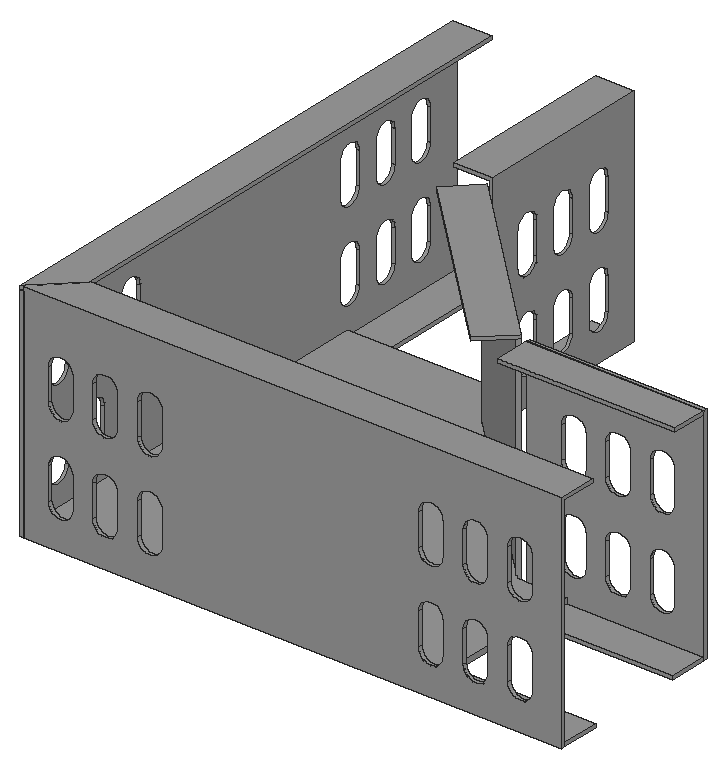
Revit family "90°- Bogen- RB 90 605 FT", category Generic Models, Revit 2017
Family settings
  Can host rebar = No
  Round Connector Dimension = Use Diameter
  Part Type = Normal
  Work Plane-Based = No
  Always vertical = Yes
  Cut with Voids When Loaded = No
  Shared = No
  Room Calculation Point = No
Parameters (values of type "RB 90 605 FT")
  URL = "http://www.obo-bettermann.com"
  Material = Hot-dip galvanised
  Manufacturer Art.No. = "71244338"
  Manufacturer = "OBO BETTERMANN"
  GTIN = "4012196688647"
  Cut's number 2 = 3
  Cut's number = 2
  Article Type = "RB 90 605 FT"
Reference planes
  plane 1 "Center (Front/Back)": y = 0
  plane 2: z = 0
  plane 3 "Center (Left/Right)": x = 0
  plane 4: y = 112.5
  plane 5: x = 112.5
  plane 6: z = 1.5
  plane 7: y = 151.03
  plane 8: x = 151.03
  plane 9: y = 11
  plane 10: x = 11
  plane 11: y = 11
  plane 12: x = 151.03
  plane 13: z = -0.982
  plane 14: z = 61.018
  plane 15: z = 15.018
  plane 16: z = 40.018
  plane 17: x = 10.5
  plane 18: x = 23
  plane 19: x = 35.5
  plane 20: z = 40.018
  plane 21: z = 65.018
  plane 22: x = 10.5
  plane 23: x = 23
  plane 24: x = 35.5
  plane 25: z = 15.018
  plane 26: z = 40.018
  plane 27: x = 10.5
  plane 28: x = 23
  plane 29: x = 35.5
  plane 30: z = 15.018
  plane 31: z = 40.018
  plane 32: x = 23.038
  plane 33: x = 35.538
  plane 34: x = 48.038
  plane 35: z = 40.018
  plane 36: z = 65.018
  plane 37: x = 23.038
  plane 38: x = 35.538
  plane 39: x = 48.038
  plane 40: z = 15.018
  plane 41: z = 40.018
  plane 42: x = 35.575
  plane 43: x = 48.075
  plane 44: x = 60.575
  plane 45: z = 40.018
  plane 46: z = 65.018
  plane 47: x = 35.575
  plane 48: x = 48.075
  plane 49: x = 60.575
  plane 50: z = 15.018
  plane 51: x = 138.53
  plane 52: z = 15.018
  plane 53: y = 138.53
  plane 54: z = 40.018
  plane 55: y = 138.53
  plane 56: z = 15.018
  plane 57: y = 138.53
  plane 58: z = 15.018
  plane 59: y = 126.066
  plane 60: z = 40.018
  plane 61: y = 126.066
  plane 62: z = 15.018
  plane 63: y = 113.603
  plane 64: z = 40.018
  plane 65: y = 113.603
  plane 66: y = 11.5
  plane 67: z = 15.018
  plane 68: y = 11.5
  plane 69: z = 40.018
  plane 70: y = 11.5
  plane 71: z = 15.018
  plane 72: y = 24.024
  plane 73: z = 15.018
  plane 74: y = 24.024
  plane 75: z = 40.018
  plane 76: y = 36.549
  plane 77: z = 15.018
  plane 78: y = 36.549
  plane 79: z = 40.018
  plane 80: y = 151.03
  plane 81: x = 38
  plane 82: through (39.538, 92.406, 1200) normal (0.7071, 0.7071, 0)
  plane 83: through (49.846, 97.654, 1200) normal (0.7071, -0.7071, 0)
  plane 84: through (97.66, 49.84, 1200) normal (0.7075, -0.7067, 0)
  plane 85: y = 49
  plane 86: y = 38.046
  plane 87: x = 151.03
  plane 88: x = 101.33
  plane 89: z = 15
  plane 90: y = 139.53
  plane 91: z = 40
  plane 92: y = 139.53
  plane 93: z = 15
  plane 94: y = 139.53
  plane 95: z = 15
  plane 96: y = 127.051
  plane 97: z = 40
  plane 98: y = 127.051
  plane 99: z = 15
  plane 100: y = 114.516
  plane 101: z = 40
  plane 102: y = 114.516
  plane 103: x = 139.53
  plane 104: z = 15
  plane 105: x = 139.53
  plane 106: z = 15
  plane 107: x = 139.53
  plane 108: z = 40
  plane 109: x = 139.53
  plane 110: z = 15
  plane 111: x = 126.997
  plane 112: z = 15
  plane 113: x = 126.997
  plane 114: z = 40
  plane 115: x = 114.464
  plane 116: z = 15
  plane 117: x = 114.464
  plane 118: z = 40
  plane 119: x = 139.53
  plane 120: z = 40
  plane 121: x = 139.53
  plane 122: z = 15
  plane 123: x = 127.057
  plane 124: z = 15
  plane 125: x = 127.057
  plane 126: z = 40
  plane 127: x = 114.584
  plane 128: z = 15
  plane 129: x = 114.584
  plane 130: z = 40
Forms (mm)
  Extrusion 1, solid, material "Hot-dip galvanised" <- "Material"
    sketch origin (0, 0, 0) x (1, 0, 0) y (0, 1, 0)
      loop
        line (0, 112.5) -> (0, 0) -> (112.5, 0) -> (112.5, 49) -> (98.5, 49) -> (49, 98.5) -> (49, 112.5) -> (0, 112.5)
    from 0 to 1.5
  Extrusion 2, solid, material "Hot-dip galvanised" <- "Material"
    sketch origin (0, 0, 0) x (1, 0, 0) y (0, 1, 0)
      loop
        line (0, 151.03) -> (0, 0) -> (11, 11) -> (11, 151.03) -> (0, 151.03)
    from 0 to -1
  Extrusion 3, solid, material "Hot-dip galvanised" <- "Material"
    sketch origin (0, 0, 0) x (1, 0, 0) y (0, 1, 0)
      loop
        line (11, 11) -> (0, 0) -> (151.03, 0) -> (151.03, 11) -> (11, 11)
    from 0 to -1
  Extrusion 4, solid, material "Hot-dip galvanised" <- "Material"
    sketch origin (0, 0, 0) x (0, 1, 0) y (0, 0, 1)
      loop
        line (0, -0.982) -> (0, 61.018) -> (10, 61.018) -> (10, 62.018) -> (-1, 62.018) -> (-1, -0.982) -> (0, -0.982)
    from 0 to 151.03
  Extrusion 5, void
    sketch origin (0, 0, 0) x (1, 0, 0) y (0, 1, 0)
      loop
        line (9.896, 9.896) -> (0, 9.896) -> (0, 0) -> (9.896, 9.896)
    from 61 to 62
  Extrusion 6, solid, material "Hot-dip galvanised" <- "Material"
    sketch origin (0, 0, 0) x (1, 0, 0) y (0, 0, 1)
      loop
        line (0, -0.982) -> (0, 61.018) -> (-1, 61.018) -> (-1, -0.982) -> (0, -0.982)
    from -151.03 to 1
  Extrusion 7, solid, material "Hot-dip galvanised" <- "Material"
    sketch origin (0, 0, 0) x (1, 0, 0) y (0, 1, 0)
      loop
        line (-1, 151.03) -> (-1, -1) -> (9.896, 9.896) -> (9.896, 151.03) -> (-1, 151.03)
    from 61 to 62
  Extrusion 8, void
    sketch origin (0, 0, 0) x (1, 0, 0) y (0, 0, 1)
      loop
        arc (7, 10.518) -> (10.5, 7.018) -> (14, 10.518) r 3.5
        line (14, 10.518) -> (14, 19.518)
        arc (14, 19.518) -> (10.5, 23.018) -> (7, 19.518) r 3.5
        line (7, 19.518) -> (7, 10.518)
    from 0 to 1.104
  Extrusion 9, void
    sketch origin (0, 0, 25) x (1, 0, 0) y (0, 0, 1)
      loop
        arc (7, 10.518) -> (10.5, 7.018) -> (14, 10.518) r 3.5
        line (14, 10.518) -> (14, 19.518)
        arc (14, 19.518) -> (10.5, 23.018) -> (7, 19.518) r 3.5
        line (7, 19.518) -> (7, 10.518)
    from 0 to 1.104
  Extrusion 10, void, not visible
    sketch origin (0, 0.104, 0) x (1, 0, 0) y (0, 0, 1)
      loop
        arc (7, 10.518) -> (10.5, 7.018) -> (14, 10.518) r 3.5
        line (14, 10.518) -> (14, 19.518)
        arc (14, 19.518) -> (10.5, 23.018) -> (7, 19.518) r 3.5
        line (7, 19.518) -> (7, 10.518)
    from 0 to 1.104
  Extrusion 11, void
    sketch origin (12.538, 0, 0) x (1, 0, 0) y (0, 0, 1)
      loop
        arc (7, 10.518) -> (10.5, 7.018) -> (14, 10.518) r 3.5
        line (14, 10.518) -> (14, 19.518)
        arc (14, 19.518) -> (10.5, 23.018) -> (7, 19.518) r 3.5
        line (7, 19.518) -> (7, 10.518)
    from 0 to 1.104
  Extrusion 12, void
    sketch origin (12.538, 0, 25) x (1, 0, 0) y (0, 0, 1)
      loop
        arc (7, 10.518) -> (10.5, 7.018) -> (14, 10.518) r 3.5
        line (14, 10.518) -> (14, 19.518)
        arc (14, 19.518) -> (10.5, 23.018) -> (7, 19.518) r 3.5
        line (7, 19.518) -> (7, 10.518)
    from 0 to 1.104
  Extrusion 13, void
    sketch origin (25.075, 0, 0) x (1, 0, 0) y (0, 0, 1)
      loop
        arc (7, 10.518) -> (10.5, 7.018) -> (14, 10.518) r 3.5
        line (14, 10.518) -> (14, 19.518)
        arc (14, 19.518) -> (10.5, 23.018) -> (7, 19.518) r 3.5
        line (7, 19.518) -> (7, 10.518)
    from 0 to 1.104
  Extrusion 14, void
    sketch origin (25.075, 0, 25) x (1, 0, 0) y (0, 0, 1)
      loop
        arc (7, 10.518) -> (10.5, 7.018) -> (14, 10.518) r 3.5
        line (14, 10.518) -> (14, 19.518)
        arc (14, 19.518) -> (10.5, 23.018) -> (7, 19.518) r 3.5
        line (7, 19.518) -> (7, 10.518)
    from 0 to 1.104
  Extrusion 15, void, not visible
    sketch origin (0, 0, 0) x (1, 0, 0) y (0, 0, 1)
      loop
        arc (135.03, 10.518) -> (138.53, 7.018) -> (142.03, 10.518) r 3.5
        line (142.03, 10.518) -> (142.03, 19.518)
        arc (142.03, 19.518) -> (138.53, 23.018) -> (135.03, 19.518) r 3.5
        line (135.03, 19.518) -> (135.03, 10.518)
    from 0 to 1
  Extrusion 16, void
    sketch origin (0, 0, 0) x (0, 1, 0) y (0, 0, 1)
      loop
        line (142.03, 10.518) -> (142.03, 19.518)
        arc (142.03, 19.518) -> (138.53, 23.018) -> (135.03, 19.518) r 3.5
        line (135.03, 19.518) -> (135.03, 10.518)
        arc (135.03, 10.518) -> (138.53, 7.018) -> (142.03, 10.518) r 3.5
    from 0 to -1
  Extrusion 17, void
    sketch origin (0, 0, 25) x (0, 1, 0) y (0, 0, 1)
      loop
        line (142.03, 10.518) -> (142.03, 19.518)
        arc (142.03, 19.518) -> (138.53, 23.018) -> (135.03, 19.518) r 3.5
        line (135.03, 19.518) -> (135.03, 10.518)
        arc (135.03, 10.518) -> (138.53, 7.018) -> (142.03, 10.518) r 3.5
    from 0 to -1
  Extrusion 18, void, not visible
    sketch origin (0, 0, 0) x (0, 1, 0) y (0, 0, 1)
      loop
        line (142.03, 10.518) -> (142.03, 19.518)
        arc (142.03, 19.518) -> (138.53, 23.018) -> (135.03, 19.518) r 3.5
        line (135.03, 19.518) -> (135.03, 10.518)
        arc (135.03, 10.518) -> (138.53, 7.018) -> (142.03, 10.518) r 3.5
    from 0 to -1
  Extrusion 19, void
    sketch origin (0, -12.464, 0) x (0, 1, 0) y (0, 0, 1)
      loop
        line (142.03, 10.518) -> (142.03, 19.518)
        arc (142.03, 19.518) -> (138.53, 23.018) -> (135.03, 19.518) r 3.5
        line (135.03, 19.518) -> (135.03, 10.518)
        arc (135.03, 10.518) -> (138.53, 7.018) -> (142.03, 10.518) r 3.5
    from 0 to -1
  Extrusion 20, void
    sketch origin (0, -12.464, 25) x (0, 1, 0) y (0, 0, 1)
      loop
        line (142.03, 10.518) -> (142.03, 19.518)
        arc (142.03, 19.518) -> (138.53, 23.018) -> (135.03, 19.518) r 3.5
        line (135.03, 19.518) -> (135.03, 10.518)
        arc (135.03, 10.518) -> (138.53, 7.018) -> (142.03, 10.518) r 3.5
    from 0 to -1
  Extrusion 21, void
    sketch origin (0, -24.927, 0) x (0, 1, 0) y (0, 0, 1)
      loop
        line (142.03, 10.518) -> (142.03, 19.518)
        arc (142.03, 19.518) -> (138.53, 23.018) -> (135.03, 19.518) r 3.5
        line (135.03, 19.518) -> (135.03, 10.518)
        arc (135.03, 10.518) -> (138.53, 7.018) -> (142.03, 10.518) r 3.5
    from 0 to -1
  Extrusion 22, void
    sketch origin (0, -24.927, 25) x (0, 1, 0) y (0, 0, 1)
      loop
        line (142.03, 10.518) -> (142.03, 19.518)
        arc (142.03, 19.518) -> (138.53, 23.018) -> (135.03, 19.518) r 3.5
        line (135.03, 19.518) -> (135.03, 10.518)
        arc (135.03, 10.518) -> (138.53, 7.018) -> (142.03, 10.518) r 3.5
    from 0 to -1
  Extrusion 23, void
    sketch origin (0, 0, 0) x (0, 1, 0) y (0, 0, 1)
      loop
        line (15, 10.518) -> (15, 19.518)
        arc (15, 19.518) -> (11.5, 23.018) -> (8, 19.518) r 3.5
        line (8, 19.518) -> (8, 10.518)
        arc (8, 10.518) -> (11.5, 7.018) -> (15, 10.518) r 3.5
    from 0 to -1
  Extrusion 24, void
    sketch origin (0, 0, 25) x (0, 1, 0) y (0, 0, 1)
      loop
        line (15, 10.518) -> (15, 19.518)
        arc (15, 19.518) -> (11.5, 23.018) -> (8, 19.518) r 3.5
        line (8, 19.518) -> (8, 10.518)
        arc (8, 10.518) -> (11.5, 7.018) -> (15, 10.518) r 3.5
    from 0 to -1
  Extrusion 25, void, not visible
    sketch origin (0, 0, 0) x (0, 1, 0) y (0, 0, 1)
      loop
        line (15, 10.518) -> (15, 19.518)
        arc (15, 19.518) -> (11.5, 23.018) -> (8, 19.518) r 3.5
        line (8, 19.518) -> (8, 10.518)
        arc (8, 10.518) -> (11.5, 7.018) -> (15, 10.518) r 3.5
    from 0 to -1
  Extrusion 26, void
    sketch origin (0, 12.524, 0) x (0, 1, 0) y (0, 0, 1)
      loop
        line (15, 10.518) -> (15, 19.518)
        arc (15, 19.518) -> (11.5, 23.018) -> (8, 19.518) r 3.5
        line (8, 19.518) -> (8, 10.518)
        arc (8, 10.518) -> (11.5, 7.018) -> (15, 10.518) r 3.5
    from 0 to -1
  Extrusion 27, void
    sketch origin (0, 12.524, 25) x (0, 1, 0) y (0, 0, 1)
      loop
        line (15, 10.518) -> (15, 19.518)
        arc (15, 19.518) -> (11.5, 23.018) -> (8, 19.518) r 3.5
        line (8, 19.518) -> (8, 10.518)
        arc (8, 10.518) -> (11.5, 7.018) -> (15, 10.518) r 3.5
    from 0 to -1
  Extrusion 28, void
    sketch origin (0, 25.049, 0) x (0, 1, 0) y (0, 0, 1)
      loop
        line (15, 10.518) -> (15, 19.518)
        arc (15, 19.518) -> (11.5, 23.018) -> (8, 19.518) r 3.5
        line (8, 19.518) -> (8, 10.518)
        arc (8, 10.518) -> (11.5, 7.018) -> (15, 10.518) r 3.5
    from 0 to -1
  Extrusion 29, void
    sketch origin (0, 25.049, 25) x (0, 1, 0) y (0, 0, 1)
      loop
        line (15, 10.518) -> (15, 19.518)
        arc (15, 19.518) -> (11.5, 23.018) -> (8, 19.518) r 3.5
        line (8, 19.518) -> (8, 10.518)
        arc (8, 10.518) -> (11.5, 7.018) -> (15, 10.518) r 3.5
    from 0 to -1
  Extrusion 30, solid, material "Hot-dip galvanised" <- "Material"
    sketch origin (0, 0, 0) x (1, 0, 0) y (0, 1, 0)
      loop
        line (49, 101.33) -> (49, 151.03) -> (38, 151.03) -> (38, 101.33) -> (49, 101.33)
    from -1 to 0
  Extrusion 31, solid, material "Hot-dip galvanised"
    sketch origin (0, 0, 0) x (1, 0, 0) y (0, 1, 0)
      loop
        line (97.66, 49.84) -> (49.846, 97.654) -> (42.073, 89.882) -> (89.918, 42.089) -> (97.66, 49.84)
    from -1 to 0
  Extrusion 32, solid, material "Hot-dip galvanised" <- "Material"
    sketch origin (0, 0, 0) x (1, 0, 0) y (0, 1, 0)
      loop
        line (101.33, 49) -> (101.33, 38.046) -> (151.03, 38.046) -> (151.03, 49) -> (101.33, 49)
    from -1 to 0
  Extrusion 33, solid, material "Hot-dip galvanised" <- "Material"
    sketch origin (0, 0, 0) x (1, 0, 0) y (0, 0, 1)
      loop
        line (49, -0.945) -> (49.846, -0.945) -> (49.846, 62.018) -> (39, 62.018) -> (39, 61.018) -> (49, 61.018) -> (49, -0.945)
    from -151.03 to -101.33
  Extrusion 34, solid, material "Hot-dip galvanised" <- "Material"
    sketch origin (0, 0, 0) x (1, 0, 0) y (0, 1, 0)
      loop
        line (49.846, 97.654) -> (97.66, 49.84) -> (98.4, 50.581) -> (50.586, 98.395) -> (49.846, 97.654)
    from -1 to 61
  Extrusion 35, solid, material "Hot-dip galvanised" <- "Material"
    sketch origin (0, 0, 0) x (1, 0, 0) y (0, 1, 0)
      loop
        line (50.586, 98.395) -> (42.813, 90.622) -> (90.628, 42.808) -> (98.4, 50.581) -> (50.586, 98.395)
    from 61 to 62
  Extrusion 36, solid, material "Hot-dip galvanised" <- "Material"
    sketch origin (0, 0, 0) x (1, 0, 0) y (0, 1, 0)
      loop
        line (101.33, 49) -> (151.03, 49) -> (151.03, 50.036) -> (101.33, 50.036) -> (101.33, 49)
    from -1 to 62
  Extrusion 37, solid, material "Hot-dip galvanised" <- "Material"
    sketch origin (0, 0, 0) x (0, 1, 0) y (0, 0, 1)
      loop
        line (49, 62) -> (39, 62) -> (39, 61.018) -> (49, 61.018) -> (49, 62)
    from 101.33 to 151.03
  Extrusion 38, void
    sketch origin (0, 0, 0) x (0, 1, 0) y (0, 0, 1)
      loop
        arc (135.03, 10.5) -> (138.53, 7) -> (142.03, 10.5) r 3.5
        line (142.03, 10.5) -> (142.03, 19.5)
        arc (142.03, 19.5) -> (138.53, 23) -> (135.03, 19.5) r 3.5
        line (135.03, 19.5) -> (135.03, 10.5)
    from 49 to 49.846
  Extrusion 39, void
    sketch origin (0, 0, 25) x (0, 1, 0) y (0, 0, 1)
      loop
        arc (135.03, 10.5) -> (138.53, 7) -> (142.03, 10.5) r 3.5
        line (142.03, 10.5) -> (142.03, 19.5)
        arc (142.03, 19.5) -> (138.53, 23) -> (135.03, 19.5) r 3.5
        line (135.03, 19.5) -> (135.03, 10.5)
    from 49 to 49.846
  Extrusion 40, void, not visible
    sketch origin (0, 0, 0) x (0, 1, 0) y (0, 0, 1)
      loop
        arc (135.03, 10.5) -> (138.53, 7) -> (142.03, 10.5) r 3.5
        line (142.03, 10.5) -> (142.03, 19.5)
        arc (142.03, 19.5) -> (138.53, 23) -> (135.03, 19.5) r 3.5
        line (135.03, 19.5) -> (135.03, 10.5)
    from 49 to 49.846
  Extrusion 41, void
    sketch origin (0, -12.479, 0) x (0, 1, 0) y (0, 0, 1)
      loop
        arc (135.03, 10.5) -> (138.53, 7) -> (142.03, 10.5) r 3.5
        line (142.03, 10.5) -> (142.03, 19.5)
        arc (142.03, 19.5) -> (138.53, 23) -> (135.03, 19.5) r 3.5
        line (135.03, 19.5) -> (135.03, 10.5)
    from 49 to 49.846
  Extrusion 42, void
    sketch origin (0, -12.479, 25) x (0, 1, 0) y (0, 0, 1)
      loop
        arc (135.03, 10.5) -> (138.53, 7) -> (142.03, 10.5) r 3.5
        line (142.03, 10.5) -> (142.03, 19.5)
        arc (142.03, 19.5) -> (138.53, 23) -> (135.03, 19.5) r 3.5
        line (135.03, 19.5) -> (135.03, 10.5)
    from 49 to 49.846
  Extrusion 43, void
    sketch origin (0, -25.014, 0) x (0, 1, 0) y (0, 0, 1)
      loop
        arc (135.03, 10.5) -> (138.53, 7) -> (142.03, 10.5) r 3.5
        line (142.03, 10.5) -> (142.03, 19.5)
        arc (142.03, 19.5) -> (138.53, 23) -> (135.03, 19.5) r 3.5
        line (135.03, 19.5) -> (135.03, 10.5)
    from 49 to 49.846
  Extrusion 44, void
    sketch origin (0, -25.014, 25) x (0, 1, 0) y (0, 0, 1)
      loop
        arc (135.03, 10.5) -> (138.53, 7) -> (142.03, 10.5) r 3.5
        line (142.03, 10.5) -> (142.03, 19.5)
        arc (142.03, 19.5) -> (138.53, 23) -> (135.03, 19.5) r 3.5
        line (135.03, 19.5) -> (135.03, 10.5)
    from 49 to 49.846
  Extrusion 45, void
    sketch origin (0, 0, 0) x (1, 0, 0) y (0, 0, 1)
      loop
        line (143.03, 10.5) -> (143.03, 19.5)
        arc (143.03, 19.5) -> (139.53, 23) -> (136.03, 19.5) r 3.5
        line (136.03, 19.5) -> (136.03, 10.5)
        arc (136.03, 10.5) -> (139.53, 7) -> (143.03, 10.5) r 3.5
    from -49 to -50.036
  Extrusion 46, void
    sketch origin (0, 0, 0) x (1, 0, 0) y (0, 0, 1)
      loop
        arc (136.03, 10.5) -> (139.53, 7) -> (143.03, 10.5) r 3.5
        line (143.03, 10.5) -> (143.03, 19.484)
        arc (143.03, 19.484) -> (139.53, 22.984) -> (136.03, 19.484) r 3.5
        line (136.03, 19.484) -> (136.03, 10.5)
    from 0 to 1
  Extrusion 47, void
    sketch origin (0, 0, 25) x (1, 0, 0) y (0, 0, 1)
      loop
        arc (136.03, 10.5) -> (139.53, 7) -> (143.03, 10.5) r 3.5
        line (143.03, 10.5) -> (143.03, 19.484)
        arc (143.03, 19.484) -> (139.53, 22.984) -> (136.03, 19.484) r 3.5
        line (136.03, 19.484) -> (136.03, 10.5)
    from 0 to 1
  Extrusion 48, void, not visible
    sketch origin (0, 0, 0) x (1, 0, 0) y (0, 0, 1)
      loop
        arc (136.03, 10.5) -> (139.53, 7) -> (143.03, 10.5) r 3.5
        line (143.03, 10.5) -> (143.03, 19.484)
        arc (143.03, 19.484) -> (139.53, 22.984) -> (136.03, 19.484) r 3.5
        line (136.03, 19.484) -> (136.03, 10.5)
    from 0 to 1
  Extrusion 49, void
    sketch origin (-12.533, 0, 0) x (1, 0, 0) y (0, 0, 1)
      loop
        arc (136.03, 10.5) -> (139.53, 7) -> (143.03, 10.5) r 3.5
        line (143.03, 10.5) -> (143.03, 19.484)
        arc (143.03, 19.484) -> (139.53, 22.984) -> (136.03, 19.484) r 3.5
        line (136.03, 19.484) -> (136.03, 10.5)
    from 0 to 1
  Extrusion 50, void
    sketch origin (-12.533, 0, 25) x (1, 0, 0) y (0, 0, 1)
      loop
        arc (136.03, 10.5) -> (139.53, 7) -> (143.03, 10.5) r 3.5
        line (143.03, 10.5) -> (143.03, 19.484)
        arc (143.03, 19.484) -> (139.53, 22.984) -> (136.03, 19.484) r 3.5
        line (136.03, 19.484) -> (136.03, 10.5)
    from 0 to 1
  Extrusion 51, void
    sketch origin (-25.066, 0, 0) x (1, 0, 0) y (0, 0, 1)
      loop
        arc (136.03, 10.5) -> (139.53, 7) -> (143.03, 10.5) r 3.5
        line (143.03, 10.5) -> (143.03, 19.484)
        arc (143.03, 19.484) -> (139.53, 22.984) -> (136.03, 19.484) r 3.5
        line (136.03, 19.484) -> (136.03, 10.5)
    from 0 to 1
  Extrusion 52, void
    sketch origin (-25.066, 0, 25) x (1, 0, 0) y (0, 0, 1)
      loop
        arc (136.03, 10.5) -> (139.53, 7) -> (143.03, 10.5) r 3.5
        line (143.03, 10.5) -> (143.03, 19.484)
        arc (143.03, 19.484) -> (139.53, 22.984) -> (136.03, 19.484) r 3.5
        line (136.03, 19.484) -> (136.03, 10.5)
    from 0 to 1
  Extrusion 53, void
    sketch origin (0, 0, 25) x (1, 0, 0) y (0, 0, 1)
      loop
        line (143.03, 10.5) -> (143.03, 19.5)
        arc (143.03, 19.5) -> (139.53, 23) -> (136.03, 19.5) r 3.5
        line (136.03, 19.5) -> (136.03, 10.5)
        arc (136.03, 10.5) -> (139.53, 7) -> (143.03, 10.5) r 3.5
    from -49 to -50.036
  Extrusion 54, void, not visible
    sketch origin (0, 0, 0) x (1, 0, 0) y (0, 0, 1)
      loop
        line (143.03, 10.5) -> (143.03, 19.5)
        arc (143.03, 19.5) -> (139.53, 23) -> (136.03, 19.5) r 3.5
        line (136.03, 19.5) -> (136.03, 10.5)
        arc (136.03, 10.5) -> (139.53, 7) -> (143.03, 10.5) r 3.5
    from -49 to -50.036
  Extrusion 55, void
    sketch origin (-12.473, 0, 0) x (1, 0, 0) y (0, 0, 1)
      loop
        line (143.03, 10.5) -> (143.03, 19.5)
        arc (143.03, 19.5) -> (139.53, 23) -> (136.03, 19.5) r 3.5
        line (136.03, 19.5) -> (136.03, 10.5)
        arc (136.03, 10.5) -> (139.53, 7) -> (143.03, 10.5) r 3.5
    from -49 to -50.036
  Extrusion 56, void
    sketch origin (-12.473, 0, 25) x (1, 0, 0) y (0, 0, 1)
      loop
        line (143.03, 10.5) -> (143.03, 19.5)
        arc (143.03, 19.5) -> (139.53, 23) -> (136.03, 19.5) r 3.5
        line (136.03, 19.5) -> (136.03, 10.5)
        arc (136.03, 10.5) -> (139.53, 7) -> (143.03, 10.5) r 3.5
    from -49 to -50.036
  Extrusion 57, void
    sketch origin (-24.946, 0, 0) x (1, 0, 0) y (0, 0, 1)
      loop
        line (143.03, 10.5) -> (143.03, 19.5)
        arc (143.03, 19.5) -> (139.53, 23) -> (136.03, 19.5) r 3.5
        line (136.03, 19.5) -> (136.03, 10.5)
        arc (136.03, 10.5) -> (139.53, 7) -> (143.03, 10.5) r 3.5
    from -49 to -50.036
  Extrusion 58, void
    sketch origin (-24.946, 0, 25) x (1, 0, 0) y (0, 0, 1)
      loop
        line (143.03, 10.5) -> (143.03, 19.5)
        arc (143.03, 19.5) -> (139.53, 23) -> (136.03, 19.5) r 3.5
        line (136.03, 19.5) -> (136.03, 10.5)
        arc (136.03, 10.5) -> (139.53, 7) -> (143.03, 10.5) r 3.5
    from -49 to -50.036
Cuts and joins
  Extrusion 5 cuts Extrusion 1
  Extrusion 5 cuts Extrusion 2
  Extrusion 5, Extrusion 8, Extrusion 9, Extrusion 11, Extrusion 12, Extrusion 13, Extrusion 14, Extrusion 45, Extrusion 46, Extrusion 47, Extrusion 49, Extrusion 50, Extrusion 51, Extrusion 52 cuts Extrusion 4
  Extrusion 16, Extrusion 17, Extrusion 19, Extrusion 20, Extrusion 21, Extrusion 22, Extrusion 23, Extrusion 24, Extrusion 26, Extrusion 27, Extrusion 28, Extrusion 29, Extrusion 38 cuts Extrusion 6
  Extrusion 38, Extrusion 39, Extrusion 41, Extrusion 42, Extrusion 43, Extrusion 44 cuts Extrusion 33
  Extrusion 45, Extrusion 53, Extrusion 55, Extrusion 56, Extrusion 57, Extrusion 58 cuts Extrusion 36
Dimensions and locks
  plane 1 "Center (Front/Back)" to plane 4 = 112.5 mm
  plane 3 "Center (Left/Right)" to plane 5 = 112.5 mm
  locked: Extrusion 1 sketch curve to Extrusion 1 sketch curve at 49  (x2)
  locked: Extrusion 1 sketch curve to Extrusion 1 sketch curve at 112.5  (x2)
  locked: Extrusion 1 sketch curve to Extrusion 1 sketch curve at 104.298
  locked: plane 6 to Extrusion 1 at 1.5
  locked: plane 1 "Center (Front/Back)" to plane 7 at 151.03
  locked: Extrusion 1 to plane 8 at 151.03
  locked: plane 1 "Center (Front/Back)" to plane 9 at 11
  locked: plane 3 "Center (Left/Right)" to plane 10 at 11
  locked: Extrusion 1 to Extrusion 2 sketch curve at 151.03
  locked: Extrusion 1 to Extrusion 2 sketch curve at 79.55
  locked: Extrusion 2 sketch curve to Extrusion 2 sketch curve at 151.03
  locked: Extrusion 1 to Extrusion 2 sketch curve at 11
  locked: Extrusion 1 to plane 11 at 11
  locked: Extrusion 2 to plane 12 at 151.03
  locked: Extrusion 1 to Extrusion 3 sketch curve at 11
  locked: Extrusion 3 sketch curve to Extrusion 3 sketch curve at 151.03
  locked: Extrusion 3 sketch curve to Extrusion 1 at 101.5
  plane 3 "Center (Left/Right)" to Extrusion 3 = 151.03 mm
  locked: Extrusion 3 to plane 13 at 1
  locked: Extrusion 3 to plane 14 at 62
  locked: Extrusion 4 sketch curve to Extrusion 4 sketch curve at 63
  locked: Extrusion 4 sketch curve to Extrusion 4 sketch curve at 11
  locked: Extrusion 4 sketch curve to Extrusion 4 sketch curve at 1  (x2)
  locked: cut or joined group 1 (Extrusion 4, Extrusion 5, Extrusion 8, Extrusion 9, Extrusion 11, Extrusion 12, Extrusion 13, Extrusion 14, Extrusion 45, Extrusion 46, Extrusion 47, Extrusion 49, Extrusion 50, Extrusion 51, Extrusion 52) to cut or joined group 1 at 1  (x2)
  locked: Extrusion 6 sketch curve to cut or joined group 1 at 1
  locked: Extrusion 6 sketch curve to Extrusion 6 sketch curve at 62
  locked: plane 16 to plane 15 at 25
  locked: plane 18 to plane 17 at 12.5
  locked: plane 19 to plane 18 at 12.5
  locked: Extrusion 8 sketch curve to Extrusion 8 sketch curve at 7
  locked: plane 17 to Extrusion 8 sketch curve at 3.5
  locked: Extrusion 8 sketch curve to plane 15 at 8
  locked: plane 15 to Extrusion 8 sketch curve at 8
  locked: plane 21 to plane 20 at 25
  locked: plane 23 to plane 22 at 12.5
  locked: plane 24 to plane 23 at 12.5
  locked: Extrusion 9 sketch curve to Extrusion 9 sketch curve at 7
  locked: plane 22 to Extrusion 9 sketch curve at 3.5
  locked: Extrusion 9 sketch curve to plane 20 at 8
  locked: plane 20 to Extrusion 9 sketch curve at 8
  group 1 to group 2 = 0 mm  (x2)
  group 1 to group 2 = 25 mm
  locked: Extrusion 6 to cut or joined group 1 at 8
  locked: plane 26 to plane 25 at 25
  locked: plane 28 to plane 27 at 12.5
  locked: plane 29 to plane 28 at 12.5
  locked: Extrusion 10 sketch curve to Extrusion 10 sketch curve at 7
  locked: plane 27 to Extrusion 10 sketch curve at 3.5
  locked: Extrusion 10 sketch curve to plane 25 at 8
  locked: plane 25 to Extrusion 10 sketch curve at 8
  locked: plane 31 to plane 30 at 25
  locked: plane 33 to plane 32 at 12.5
  locked: plane 34 to plane 33 at 12.5
  locked: Extrusion 11 sketch curve to Extrusion 11 sketch curve at 7
  locked: plane 32 to Extrusion 11 sketch curve at 3.5
  locked: Extrusion 11 sketch curve to plane 30 at 8
  locked: plane 30 to Extrusion 11 sketch curve at 8
  locked: plane 36 to plane 35 at 25
  locked: plane 38 to plane 37 at 12.5
  locked: plane 39 to plane 38 at 12.5
  locked: Extrusion 12 sketch curve to Extrusion 12 sketch curve at 7
  locked: plane 37 to Extrusion 12 sketch curve at 3.5
  locked: Extrusion 12 sketch curve to plane 35 at 8
  locked: plane 35 to Extrusion 12 sketch curve at 8
  group 5 to group 6 = 0 mm  (x2)
  group 5 to group 6 = 25 mm
  equal spacing: group 3, group 7, group 10  (x2)
  equal spacing: group 10, group 7, group 3
  locked: plane 41 to plane 40 at 25
  locked: plane 43 to plane 42 at 12.5
  locked: plane 44 to plane 43 at 12.5
  locked: Extrusion 13 sketch curve to Extrusion 13 sketch curve at 7
  locked: plane 42 to Extrusion 13 sketch curve at 3.5
  locked: Extrusion 13 sketch curve to plane 40 at 8
  locked: plane 40 to Extrusion 13 sketch curve at 8
  locked: plane 46 to plane 45 at 25
  locked: plane 48 to plane 47 at 12.5
  locked: plane 49 to plane 48 at 12.5
  locked: Extrusion 14 sketch curve to Extrusion 14 sketch curve at 7
  locked: plane 47 to Extrusion 14 sketch curve at 3.5
  locked: Extrusion 14 sketch curve to plane 45 at 8
  locked: plane 45 to Extrusion 14 sketch curve at 8
  group 8 to group 9 = 0 mm  (x2)
  group 8 to group 9 = 25 mm
  locked: cut or joined group 1 to Extrusion 6 at 19.538
  locked: Extrusion 6 to cut or joined group 1 at 33.075  (x2)
  locked: Extrusion 6 to cut or joined group 1 at 20.538
  locked: Extrusion 15 sketch curve to Extrusion 15 sketch curve at 7
  locked: plane 51 to Extrusion 15 sketch curve at 3.5
  locked: Extrusion 15 sketch curve to plane 50 at 8
  locked: plane 50 to Extrusion 15 sketch curve at 8
  locked: Extrusion 16 sketch curve to Extrusion 16 sketch curve at 7
  locked: plane 53 to Extrusion 16 sketch curve at 3.5
  locked: Extrusion 16 sketch curve to plane 52 at 8
  locked: plane 52 to Extrusion 16 sketch curve at 8
  locked: Extrusion 17 sketch curve to Extrusion 17 sketch curve at 7
  locked: plane 55 to Extrusion 17 sketch curve at 3.5
  locked: Extrusion 17 sketch curve to plane 54 at 8
  locked: plane 54 to Extrusion 17 sketch curve at 8
  group 12 to group 13 = 0 mm  (x2)
  group 12 to group 13 = 25 mm
  locked: Extrusion 18 sketch curve to Extrusion 18 sketch curve at 7
  locked: plane 57 to Extrusion 18 sketch curve at 3.5
  locked: Extrusion 18 sketch curve to plane 56 at 8
  locked: plane 56 to Extrusion 18 sketch curve at 8
  locked: Extrusion 19 sketch curve to Extrusion 19 sketch curve at 7
  locked: plane 59 to Extrusion 19 sketch curve at 3.5
  locked: Extrusion 19 sketch curve to plane 58 at 8
  locked: plane 58 to Extrusion 19 sketch curve at 8
  locked: Extrusion 20 sketch curve to Extrusion 20 sketch curve at 7
  locked: plane 61 to Extrusion 20 sketch curve at 3.5
  locked: Extrusion 20 sketch curve to plane 60 at 8
  locked: plane 60 to Extrusion 20 sketch curve at 8
  group 16 to group 17 = 0 mm  (x2)
  group 16 to group 17 = 25 mm
  equal spacing: group 14, group 18, group 21  (x2)
  equal spacing: group 21, group 18, group 14
  locked: Extrusion 21 sketch curve to Extrusion 21 sketch curve at 7
  locked: plane 63 to Extrusion 21 sketch curve at 3.5
  locked: Extrusion 21 sketch curve to plane 62 at 8
  locked: plane 62 to Extrusion 21 sketch curve at 8
  locked: Extrusion 22 sketch curve to Extrusion 22 sketch curve at 7
  locked: plane 65 to Extrusion 22 sketch curve at 3.5
  locked: Extrusion 22 sketch curve to plane 64 at 8
  locked: plane 64 to Extrusion 22 sketch curve at 8
  group 19 to group 20 = 0 mm  (x2)
  group 19 to group 20 = 25 mm
  locked: Extrusion 23 sketch curve to Extrusion 23 sketch curve at 7
  locked: plane 66 to Extrusion 23 sketch curve at 3.5
  locked: Extrusion 23 sketch curve to plane 67 at 8
  locked: plane 67 to Extrusion 23 sketch curve at 8
  locked: Extrusion 24 sketch curve to Extrusion 24 sketch curve at 7
  locked: plane 68 to Extrusion 24 sketch curve at 3.5
  locked: Extrusion 24 sketch curve to plane 69 at 8
  locked: plane 69 to Extrusion 24 sketch curve at 8
  group 22 to group 23 = 0 mm  (x2)
  group 22 to group 23 = 25 mm
  locked: Extrusion 25 sketch curve to Extrusion 25 sketch curve at 7
  locked: plane 70 to Extrusion 25 sketch curve at 3.5
  locked: Extrusion 25 sketch curve to plane 71 at 8
  locked: plane 71 to Extrusion 25 sketch curve at 8
  locked: Extrusion 26 sketch curve to Extrusion 26 sketch curve at 7
  locked: plane 72 to Extrusion 26 sketch curve at 3.5
  locked: Extrusion 26 sketch curve to plane 73 at 8
  locked: plane 73 to Extrusion 26 sketch curve at 8
  locked: Extrusion 27 sketch curve to Extrusion 27 sketch curve at 7
  locked: plane 74 to Extrusion 27 sketch curve at 3.5
  locked: Extrusion 27 sketch curve to plane 75 at 8
  locked: plane 75 to Extrusion 27 sketch curve at 8
  group 26 to group 27 = 0 mm  (x2)
  group 26 to group 27 = 25 mm
  equal spacing: group 24, group 28, group 31  (x3)
  locked: Extrusion 28 sketch curve to Extrusion 28 sketch curve at 7
  locked: plane 76 to Extrusion 28 sketch curve at 3.5
  locked: Extrusion 28 sketch curve to plane 77 at 8
  locked: plane 77 to Extrusion 28 sketch curve at 8
  locked: Extrusion 29 sketch curve to Extrusion 29 sketch curve at 7
  locked: plane 78 to Extrusion 29 sketch curve at 3.5
  locked: Extrusion 29 sketch curve to plane 79 at 8
  locked: plane 79 to Extrusion 29 sketch curve at 8
  group 29 to group 30 = 0 mm  (x2)
  group 29 to group 30 = 25 mm
  locked: plane 81 to cut or joined group of Extrusion 1, Extrusion 5 at 11
  locked: cut or joined group of Extrusion 1, Extrusion 5 to plane 82 at 11
  locked: Extrusion 30 sketch curve to Extrusion 30 sketch curve at 49.7
  locked: plane 85 to plane 86 at 10.954
  locked: plane 88 to plane 87 at 49.7
  locked: Extrusion 32 sketch curve to Extrusion 32 sketch curve at 10.954
  locked: Extrusion 33 sketch curve to Extrusion 33 sketch curve at 10.846
  locked: Extrusion 34 sketch curve to cut or joined group of Extrusion 1, Extrusion 5 at 1.047
  locked: Extrusion 34 sketch curve to Extrusion 34 sketch curve at 67.619
  locked: Extrusion 34 sketch curve to Extrusion 34 sketch curve at 67.62
  locked: Extrusion 34 to Extrusion 35 sketch curve at 10.992
  locked: Extrusion 35 sketch curve to Extrusion 35 sketch curve at 67.619  (x2)
  locked: Extrusion 35 to Extrusion 35 at 10.992
  locked: Extrusion 36 sketch curve to Extrusion 32 at 1.036
  locked: Extrusion 36 sketch curve to Extrusion 36 sketch curve at 49.7
  Extrusion 33 to plane 89 = 15.945 mm
  Extrusion 38 sketch curve to Extrusion 38 sketch curve = 7 mm
  Extrusion 38 sketch curve to plane 90 = 4.5 mm
  Extrusion 38 sketch curve to plane 89 = 8 mm
  plane 89 to Extrusion 38 sketch curve = 8 mm
  Extrusion 39 sketch curve to Extrusion 39 sketch curve = 7 mm
  Extrusion 39 sketch curve to plane 92 = 4.5 mm
  Extrusion 39 sketch curve to plane 91 = 8 mm
  plane 91 to Extrusion 39 sketch curve = 8 mm
  group 32 to group 33 = 0 mm  (x2)
  group 32 to group 33 = 25 mm
  Extrusion 40 sketch curve to Extrusion 40 sketch curve = 7 mm
  Extrusion 40 sketch curve to plane 94 = 4.5 mm
  Extrusion 40 sketch curve to plane 93 = 8 mm
  plane 93 to Extrusion 40 sketch curve = 8 mm
  Extrusion 41 sketch curve to Extrusion 41 sketch curve = 7 mm
  Extrusion 41 sketch curve to plane 96 = 4.5 mm
  Extrusion 41 sketch curve to plane 95 = 8 mm
  plane 95 to Extrusion 41 sketch curve = 8 mm
  Extrusion 42 sketch curve to Extrusion 42 sketch curve = 7 mm
  Extrusion 42 sketch curve to plane 98 = 4.5 mm
  Extrusion 42 sketch curve to plane 97 = 8 mm
  plane 97 to Extrusion 42 sketch curve = 8 mm
  group 36 to group 37 = 0 mm  (x2)
  group 36 to group 37 = 25 mm
  group 34 to group 38 = 0 mm  (x2)
  group 38 to group 34 = 12.479 mm
  Extrusion 43 sketch curve to Extrusion 43 sketch curve = 7 mm
  Extrusion 43 sketch curve to plane 100 = 4.5 mm
  Extrusion 43 sketch curve to plane 99 = 8 mm
  plane 99 to Extrusion 43 sketch curve = 8 mm
  Extrusion 44 sketch curve to Extrusion 44 sketch curve = 7 mm
  Extrusion 44 sketch curve to plane 102 = 4.5 mm
  Extrusion 44 sketch curve to plane 101 = 8 mm
  plane 101 to Extrusion 44 sketch curve = 8 mm
  group 39 to group 40 = 0 mm  (x2)
  group 39 to group 40 = 25 mm
  group 38 to group 41 = 0 mm  (x2)
  group 41 to group 38 = 12.535 mm
  locked: Extrusion 45 sketch curve to Extrusion 45 sketch curve at 7
  locked: plane 103 to Extrusion 45 sketch curve at 3.5
  locked: plane 104 to Extrusion 45 sketch curve at 8
  locked: Extrusion 45 sketch curve to plane 104 at 8
  locked: Extrusion 46 sketch curve to Extrusion 46 sketch curve at 7
  locked: plane 105 to Extrusion 46 sketch curve at 3.5
  locked: Extrusion 46 sketch curve to plane 106 at 7.984
  locked: plane 106 to Extrusion 46 sketch curve at 8
  locked: Extrusion 47 sketch curve to Extrusion 47 sketch curve at 7
  locked: plane 107 to Extrusion 47 sketch curve at 3.5
  locked: Extrusion 47 sketch curve to plane 108 at 7.984
  locked: plane 108 to Extrusion 47 sketch curve at 8
  group 42 to group 43 = 0 mm  (x2)
  group 42 to group 43 = 25 mm
  locked: Extrusion 48 sketch curve to Extrusion 48 sketch curve at 7
  locked: plane 109 to Extrusion 48 sketch curve at 3.5
  locked: Extrusion 48 sketch curve to plane 110 at 7.984
  locked: plane 110 to Extrusion 48 sketch curve at 8
  locked: Extrusion 49 sketch curve to Extrusion 49 sketch curve at 7
  locked: plane 111 to Extrusion 49 sketch curve at 3.5
  locked: Extrusion 49 sketch curve to plane 112 at 7.984
  locked: plane 112 to Extrusion 49 sketch curve at 8
  locked: Extrusion 50 sketch curve to Extrusion 50 sketch curve at 7
  locked: plane 113 to Extrusion 50 sketch curve at 3.5
  locked: Extrusion 50 sketch curve to plane 114 at 7.984
  locked: plane 114 to Extrusion 50 sketch curve at 8
  group 46 to group 47 = 0 mm  (x2)
  group 46 to group 47 = 25 mm
  equal spacing: group 51, group 48, group 44
  equal spacing: group 44, group 48, group 51  (x2)
  locked: Extrusion 51 sketch curve to Extrusion 51 sketch curve at 7
  locked: plane 115 to Extrusion 51 sketch curve at 3.5
  locked: Extrusion 51 sketch curve to plane 116 at 7.984
  locked: plane 116 to Extrusion 51 sketch curve at 8
  locked: Extrusion 52 sketch curve to Extrusion 52 sketch curve at 7
  locked: plane 117 to Extrusion 52 sketch curve at 3.5
  locked: Extrusion 52 sketch curve to plane 118 at 7.984
  locked: plane 118 to Extrusion 52 sketch curve at 8
  group 49 to group 50 = 0 mm  (x2)
  group 49 to group 50 = 25 mm
  locked: Extrusion 53 sketch curve to Extrusion 53 sketch curve at 7
  locked: plane 119 to Extrusion 53 sketch curve at 3.5
  locked: plane 120 to Extrusion 53 sketch curve at 8
  locked: Extrusion 53 sketch curve to plane 120 at 8
  group 52 to group 53 = 0 mm  (x2)
  group 52 to group 53 = 25 mm
  locked: Extrusion 54 sketch curve to Extrusion 54 sketch curve at 7
  locked: plane 121 to Extrusion 54 sketch curve at 3.5
  locked: plane 122 to Extrusion 54 sketch curve at 8
  locked: Extrusion 54 sketch curve to plane 122 at 8
  locked: Extrusion 55 sketch curve to Extrusion 55 sketch curve at 7
  locked: plane 123 to Extrusion 55 sketch curve at 3.5
  locked: plane 124 to Extrusion 55 sketch curve at 8
  locked: Extrusion 55 sketch curve to plane 124 at 8
  locked: Extrusion 56 sketch curve to Extrusion 56 sketch curve at 7
  locked: plane 125 to Extrusion 56 sketch curve at 3.5
  locked: plane 126 to Extrusion 56 sketch curve at 8
  locked: Extrusion 56 sketch curve to plane 126 at 8
  group 56 to group 57 = 0 mm  (x2)
  group 56 to group 57 = 25 mm
  equal spacing: group 61, group 58, group 54
  equal spacing: group 54, group 58, group 61  (x2)
  locked: Extrusion 57 sketch curve to Extrusion 57 sketch curve at 7
  locked: plane 127 to Extrusion 57 sketch curve at 3.5
  locked: plane 128 to Extrusion 57 sketch curve at 8
  locked: Extrusion 57 sketch curve to plane 128 at 8
  locked: Extrusion 58 sketch curve to Extrusion 58 sketch curve at 7
  locked: plane 129 to Extrusion 58 sketch curve at 3.5
  locked: plane 130 to Extrusion 58 sketch curve at 8
  locked: Extrusion 58 sketch curve to plane 130 at 8
  group 59 to group 60 = 0 mm  (x2)
  group 59 to group 60 = 25 mm
  locked: Extrusion 1 sketch curve to Extrusion 1 sketch curve (angle 135.00°)  (x2)
  locked: Extrusion 1 to Extrusion 2 sketch curve (angle 45.00°)
  angle Extrusion 2 sketch curve to Extrusion 1 = 45.00°
  locked: cut or joined group of Extrusion 1, Extrusion 5 to Extrusion 31 (angle 135.00°)
  locked: Extrusion 31 to cut or joined group of Extrusion 1, Extrusion 5 (angle 135.00°)
  aligned and locked: level to plane 2
  aligned and locked: plane 1 "Center (Front/Back)" to Extrusion 1
  aligned and locked: Extrusion 1 to plane 3 "Center (Left/Right)"
  aligned and locked: plane 6 to Extrusion 1
  aligned and locked: plane 1 "Center (Front/Back)" to Extrusion 3
  aligned and locked: Extrusion 3 to Extrusion 2  (x2)
  aligned and locked: Extrusion 2 to plane 13
  aligned and locked: level to Extrusion 2
  aligned and locked: level to Extrusion 3
  aligned and locked: Extrusion 1 to Extrusion 3
  aligned and locked: Extrusion 4 to plane 1 "Center (Front/Back)"
  aligned and locked: Extrusion 4 to Extrusion 2
  aligned and locked: Extrusion 4 to plane 14
  aligned and locked: Extrusion 4 to Extrusion 3
  aligned and locked: Extrusion 5 to Extrusion 3
  aligned and locked: Extrusion 2 to Extrusion 5
  aligned and locked: Extrusion 5 to cut or joined group 1
  aligned and locked: cut or joined group 1 to Extrusion 5
  aligned and locked: plane 3 "Center (Left/Right)" to Extrusion 6
  aligned and locked: Extrusion 3 to Extrusion 6
  aligned and locked: Extrusion 6 to cut or joined group 1
  aligned and locked: cut or joined group of Extrusion 2, Extrusion 5 to Extrusion 6
  aligned and locked: plane 14 to Extrusion 6
  aligned and locked: Extrusion 6 to plane 13
  aligned and locked: Extrusion 7 to cut or joined group 1
  aligned and locked: cut or joined group 1 to Extrusion 7
  aligned and locked: Extrusion 6 to Extrusion 7
  aligned and locked: Extrusion 4 to Extrusion 5
  aligned and locked: Extrusion 3 to Extrusion 8
  aligned and locked: Extrusion 4 to Extrusion 8
  aligned and locked: cut or joined group 1 to cut or joined group 1  (x7)
  aligned and locked: Extrusion 16 to cut or joined group 1
  aligned and locked: Extrusion 6 to Extrusion 16
  aligned and locked: cut or joined group 2 (Extrusion 6, Extrusion 16, Extrusion 17, Extrusion 19, Extrusion 20, Extrusion 21, Extrusion 22, Extrusion 23, Extrusion 24, Extrusion 26, Extrusion 27, Extrusion 28, Extrusion 29, Extrusion 38) to cut or joined group 2  (x7)
  aligned and locked: Extrusion 23 to Extrusion 3
  aligned and locked: Extrusion 6 to Extrusion 23
  aligned and locked: Extrusion 3 to Extrusion 30  (x2)
  aligned and locked: cut or joined group of Extrusion 1, Extrusion 5 to Extrusion 31
  aligned and locked: Extrusion 31 to plane 83
  aligned and locked: plane 84 to Extrusion 31
  aligned and locked: plane 87 to cut or joined group 1
  aligned and locked: cut or joined group 1 to Extrusion 32
  aligned and locked: Extrusion 30 to Extrusion 7
  aligned and locked: Extrusion 3 to Extrusion 31  (x2)
  aligned and locked: Extrusion 32 to Extrusion 3
  aligned and locked: Extrusion 3 to Extrusion 32
  aligned and locked: Extrusion 32 to cut or joined group of Extrusion 1, Extrusion 5
  aligned and locked: Extrusion 30 to cut or joined group of Extrusion 1, Extrusion 5
  aligned and locked: Extrusion 33 to cut or joined group of Extrusion 2, Extrusion 5
  aligned and locked: Extrusion 30 to Extrusion 33
  aligned and locked: Extrusion 33 to Extrusion 31
  aligned and locked: Extrusion 33 to cut or joined group of Extrusion 1, Extrusion 5
  aligned and locked: cut or joined group of Extrusion 1, Extrusion 5 to Extrusion 30
  aligned and locked: Extrusion 30 to cut or joined group of Extrusion 2, Extrusion 5
  aligned and locked: cut or joined group of Extrusion 2, Extrusion 5 to Extrusion 30
  aligned and locked: Extrusion 33 to Extrusion 30
  aligned and locked: Extrusion 34 sketch curve to Extrusion 31  (x2)
  aligned and locked: Extrusion 3 to Extrusion 34
  aligned and locked: Extrusion 34 to cut or joined group 1
  aligned and locked: Extrusion 35 to cut or joined group 1
  aligned and locked: cut or joined group 1 to Extrusion 35
  aligned and locked: Extrusion 36 to Extrusion 32
  aligned and locked: Extrusion 32 to Extrusion 36
  aligned and locked: Extrusion 36 to cut or joined group of Extrusion 1, Extrusion 5
  aligned and locked: Extrusion 7 to Extrusion 36
  aligned and locked: cut or joined group of Extrusion 2, Extrusion 5 to Extrusion 36
  aligned and locked: Extrusion 37 to Extrusion 32
  aligned and locked: Extrusion 3 to Extrusion 37
  aligned and locked: Extrusion 38 to Extrusion 31
  aligned and locked: cut or joined group of Extrusion 1, Extrusion 5 to Extrusion 38
  aligned and locked: Extrusion 46 to plane 1 "Center (Front/Back)"
  aligned and locked: Extrusion 4 to Extrusion 46
  aligned and locked: Extrusion 46 to Extrusion 3
Automatic sketch dimensions
  Extrusion 1 sketch curve to plane 3 "Center (Left/Right)" = 0 mm
  plane 1 "Center (Front/Back)" to Extrusion 1 sketch curve = 0 mm
  plane 1 "Center (Front/Back)" to Extrusion 3 sketch curve = 0 mm
  Extrusion 3 sketch curve to plane 3 "Center (Left/Right)" = 0 mm
  Extrusion 4 sketch curve to plane 13 = 0 mm
  plane 1 "Center (Front/Back)" to Extrusion 4 sketch curve = 1 mm
  plane 1 "Center (Front/Back)" to Extrusion 5 sketch curve = 0 mm
  Extrusion 5 sketch curve to plane 3 "Center (Left/Right)" = 0 mm
  plane 3 "Center (Left/Right)" to Extrusion 5 sketch curve = 9.896 mm
  Extrusion 5 sketch curve to plane 1 "Center (Front/Back)" = 9.896 mm
  Extrusion 6 sketch curve to plane 3 "Center (Left/Right)" = 0 mm
  Extrusion 6 sketch curve to plane 13 = 0 mm
  Extrusion 7 sketch curve to plane 3 "Center (Left/Right)" = 1 mm
  plane 3 "Center (Left/Right)" to Extrusion 7 sketch curve = 9.896 mm
  plane 1 "Center (Front/Back)" to Extrusion 7 sketch curve = 1 mm
  Extrusion 7 sketch curve to plane 1 "Center (Front/Back)" = 9.896 mm
  Extrusion 7 sketch curve to Extrusion 7 sketch curve = 141.134 mm
  Extrusion 30 sketch curve to plane 81 = 0 mm
  Extrusion 30 sketch curve to plane 80 = 0 mm
  plane 81 to Extrusion 30 sketch curve = 11 mm
  plane 3 "Center (Left/Right)" to Extrusion 31 sketch curve = 42.073 mm
  Extrusion 31 sketch curve to Extrusion 31 sketch curve = 7.773 mm  (x2)
  Extrusion 31 sketch curve to plane 1 "Center (Front/Back)" = 42.089 mm
  Extrusion 31 sketch curve to Extrusion 31 sketch curve = 47.845 mm
  Extrusion 31 sketch curve to plane 1 "Center (Front/Back)" = 49.84 mm
  Extrusion 31 sketch curve to Extrusion 31 sketch curve = 7.742 mm
  Extrusion 32 sketch curve to plane 88 = 0 mm
  Extrusion 32 sketch curve to plane 87 = 0 mm
  Extrusion 32 sketch curve to plane 86 = 0 mm
  Extrusion 33 sketch curve to plane 14 = 0 mm
  plane 3 "Center (Left/Right)" to Extrusion 33 sketch curve = 39 mm
  plane 13 to Extrusion 33 sketch curve = 0.037 mm
  Extrusion 33 sketch curve to Extrusion 33 sketch curve = 0.846 mm
  Extrusion 33 sketch curve to Extrusion 33 sketch curve = 1 mm
  plane 83 to Extrusion 35 sketch curve = 0 mm
  plane 84 to Extrusion 35 sketch curve = 0 mm
  plane 3 "Center (Left/Right)" to Extrusion 36 sketch curve = 151.03 mm
  Extrusion 36 sketch curve to Extrusion 36 sketch curve = 1.036 mm
  plane 14 to Extrusion 37 sketch curve = 0 mm
  plane 14 to Extrusion 37 sketch curve = 0.982 mm
  Extrusion 37 sketch curve to plane 1 "Center (Front/Back)" = 39 mm
  Extrusion 37 sketch curve to Extrusion 37 sketch curve = 10 mm
